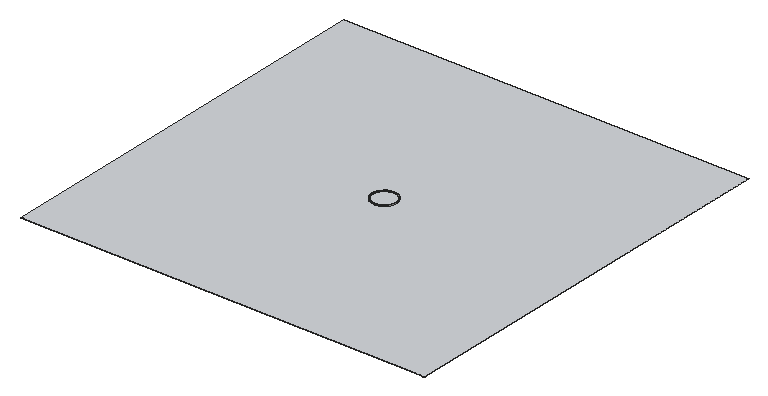
Revit family "LAMP_KOMBIC 150 ROUND IP40 CRI80 OPAL", category Luminarias, Revit 2018
Family settings
  Anfitrión = Cara
  Cota de conector redondo = Diámetro de uso
  Tipo de pieza = Normal
  Corte con vacíos al cargar = No
  Origen de luz = Sí
  Compartido = No
  Punto de cálculo de habitación = No
Parameters (values of type "1427LM 3000K  M/W")
  Ángulo de inclinación = -90.00°
  Weight = 0.704 kg
  Wattage = 13.7 W
  UGR = ""
  Type = "COB PHILIPS"
  built-in parameter 1150107 = 3000 (stored number, unit not read)
  Recessed diameter = 145 mm
  built-in parameter 1150110 = 1 (stored number, unit not read)
  built-in parameter 1150109 = 1 (stored number, unit not read)
  built-in parameter 1150112 = 1 (stored number, unit not read)
  built-in parameter 1150113 = 1 (stored number, unit not read)
  built-in parameter 1114218 = 1 (stored number, unit not read)
  Protection rating = "IP40"
  Product datasheet = "http://www.lamp.es/product-files/TECH/K21RD2040OP830NMW-EN.pdf"
  Product code = "K21RD2040OP830NMW"
  Product URL = "https://www.lamp.es/en/family/kombic-downlight_33313"
  Power Supply = "220-240V 50/60Hz"
  Power = 12 W
  Plum = 13.7 W
  built-in parameter 1150137 = (empty or 0)
  built-in parameter 1150132 = 2
  Modelo = Product code  # "K21RD2040OP830NMW"
  Material reflector = LAMP_PC Reflector Kombic Metalizado Mate
  Material disipador = LAMP_Aluminio Disipador Kombic
  Material difusor = LAMP_PMMA Difusor Kombic
  Material aro = LAMP_Plástico genérico BL
  Manufacturer name = "LAMP"
  Manufacturer country = "Spain"
  Manufacturer URL = "http://www.lamp.es/en"
  MacAdam = "3"
  Luminaire type = "Downlight"
  Last update = "26/08/2021"
  Lamp = "COB LED"
  LED Lifetime = "50.000 L90 B10"
  built-in parameter 1150105 = 113.6 (stored number, unit not read)
  built-in parameter 1150102 = (empty or 0)
  Insulation class = "II"
  Installation instructions = "https://www.lamp.es/product-files/packed/by-family/33313_INS_all.zip"
  built-in parameter 1150106 = 1.136 (stored number, unit not read)
  IEE = "A+"
  Height = 100 mm
  Gear = "Electronic"
  Lumens = 1427.54 lm
  Finish = "Shiny white RAL 9010"
  Color Filter = 16777215
  built-in parameter 1114217 = 1 (stored number, unit not read)
  built-in parameter 1150139 = (empty or 0)
  Fabricante = Manufacturer name  # "LAMP"
  Default Elevation = 1219.2 mm
  built-in parameter 1150104 = 9.6805 (stored number, unit not read)
  Efficacy = 104.2 lm/W
  Diameter = 150 mm
  built-in parameter 1150115 = 1 (stored number, unit not read)
  built-in parameter 1150114 = 1 (stored number, unit not read)
  built-in parameter 1150138 = (empty or 0)
  built-in parameter 1150134 = (empty or 0)
  Dimming Lamp Color Temperature Shift = (empty or 0)
  CRI = "80"
  Archivo de red fotométrica = "K21RD2040OP830NMW.IES"
  built-in parameter 1150133 = 10 (stored number, unit not read)
Types (18, lengths in mm): name | Wattage | built-in parameter 1150107 | Product datasheet | Product code | Power | Plum | Modelo | Material reflector | LED Lifetime | built-in parameter 1150105 | built-in parameter 1150106 | Lumens | Finish | built-in parameter 1150104 | Efficacy | built-in parameter 1150134 | Archivo de red fotométrica
  1427LM 3000K  M/W | 13.7 W | 3000 (stored number, unit not read) | "http://www.lamp.es/product-files/TECH/K21RD2040OP830NMW-EN.pdf" | "K21RD2040OP830NMW" | 12 W | 13.7 W | "K21RD2040OP830NMW" | LAMP_PC Reflector Kombic Metalizado Mate | "50.000 L90 B10" | 113.6 (stored number, unit not read) | 1.136 (stored number, unit not read) | 1427.54 lm | "Shiny white RAL 9010" | 9.6805 (stored number, unit not read) | 104.2 lm/W | (empty or 0) | "K21RD2040OP830NMW.IES"
  1473LM 3000K  W/W | 13.7 W | 3000 (stored number, unit not read) | "http://www.lamp.es/product-files/TECH/K21RD2040OP830NWW-EN.pdf" | "K21RD2040OP830NWW" | 12 W | 13.7 W | "K21RD2040OP830NWW" | LAMP_PC Reflector Kombic Blanco | "50.000 L90 B10" | 117.2 (stored number, unit not read) | 1.172 (stored number, unit not read) | 1472.75 lm | "Matte white RAL 9010" | 9.9871 (stored number, unit not read) | 107.5 lm/W | (empty or 0) | "K21RD2040OP830NWW.IES"
  1486LM 4000K  M/W | 13.7 W | 4000 (stored number, unit not read) | "http://www.lamp.es/product-files/TECH/K21RD2040OP840NMW-EN.pdf" | "K21RD2040OP840NMW" | 12 W | 13.7 W | "K21RD2040OP840NMW" | LAMP_PC Reflector Kombic Metalizado Mate | "50.000 L90 B10" | 118.29 (stored number, unit not read) | 1.1829 (stored number, unit not read) | 1486.45 lm | "Shiny white RAL 9010" | 10.08 (stored number, unit not read) | 108.5 lm/W | 12 | "K21RD2040OP840NMW.IES"
  1488LM 3000K  BR/W | 13.7 W | 4000 (stored number, unit not read) | "http://www.lamp.es/product-files/TECH/K21RD2040OP830NRW-EN.pdf" | "K21RD2040OP830NRW" | 12 W | 13.7 W | "K21RD2040OP830NRW" | LAMP_PC Reflector Kombic Metalizado Brillante | "50.000 L90 B10" | 121.12 (stored number, unit not read) | 1.2112 (stored number, unit not read) | 1522.07 lm | "Shiny white RAL 9010" | 10.322 (stored number, unit not read) | 111.1 lm/W | 12 | "K21RD2040OP830NRW.IES"
  1534LM 4000K  W/W | 13.7 W | 4000 (stored number, unit not read) | "http://www.lamp.es/product-files/TECH/K21RD2040OP840NWW-EN.pdf" | "K21RD2040OP840NWW" | 12 W | 13.7 W | "K21RD2040OP840NWW" | LAMP_PC Reflector Kombic Blanco | "50.000 L90 B10" | 1281 (stored number, unit not read) | 12.81 (stored number, unit not read) | 1534.4 lm | "Matte white RAL 9010" | 10.405 (stored number, unit not read) | 112 lm/W | 12 | "K21RD2040OP840NWW.IES"
  1550LM 4000K  BR/W | 13.7 W | 4000 (stored number, unit not read) | "http://www.lamp.es/product-files/TECH/K21RD2040OP840NRW-EN.pdf" | "K21RD2040OP840NRW" | 12 W | 13.7 W | "K21RD2040OP840NRW" | LAMP_PC Reflector Kombic Metalizado Brillante | "50.000 L90 B10" | 123.41 (stored number, unit not read) | 1.2341 (stored number, unit not read) | 1550.84 lm | "Shiny white RAL 9010" | 10.517 (stored number, unit not read) | 113.2 lm/W | 12 | "K21RD2040OP840NRW.IES"
  2010LM 3000K  M/W | 19.9 W | 3000 (stored number, unit not read) | "http://www.lamp.es/product-files/TECH/K21RD3040OP830NMW-EN.pdf" | "K21RD3040OP830NMW" | 17.6 W | 19.9 W | "K21RD3040OP830NMW" | LAMP_PC Reflector Kombic Metalizado Mate | "50.000 L70 B10" | 159.94 (stored number, unit not read) | 1.5994 (stored number, unit not read) | 2009.9 lm | "Shiny white RAL 9010" | 9.3832 (stored number, unit not read) | 101 lm/W | (empty or 0) | "K21RD3040OP830NMW.IES"
  2074LM 3000K  W/W | 19.9 W | 3000 (stored number, unit not read) | "http://www.lamp.es/product-files/TECH/K21RD3040OP830NWW-EN.pdf" | "K21RD3040OP830NWW" | 17.6 W | 19.9 W | "K21RD3040OP830NWW" | LAMP_PC Reflector Kombic Blanco | "50.000 L70 B10" | 165.01 (stored number, unit not read) | 1.6501 (stored number, unit not read) | 2073.58 lm | "Matte white RAL 9010" | 9.6805 (stored number, unit not read) | 104.2 lm/W | (empty or 0) | "K21RD3040OP830NWW.IES"
  2094LM 4000K  M/W | 19.9 W | 4000 (stored number, unit not read) | "http://www.lamp.es/product-files/TECH/K21RD3040OP840NMW-EN.pdf" | "K21RD3040OP840NMW" | 17.6 W | 19.9 W | "K21RD3040OP840NMW" | LAMP_PC Reflector Kombic Metalizado Mate | "50.000 L70 B10" | 166.59 (stored number, unit not read) | 1.6659 (stored number, unit not read) | 2093.48 lm | "Shiny white RAL 9010" | 9.7734 (stored number, unit not read) | 105.2 lm/W | 12 | "K21RD3040OP840NMW.IES"
  2096LM 3000K  BR/W | 19.9 W | 3000 (stored number, unit not read) | "http://www.lamp.es/product-files/TECH/K21RD3040OP830NRW-EN.pdf" | "K21RD3040OP830NRW" | 17.6 W | 19.9 W | "K21RD3040OP830NRW" | LAMP_PC Reflector Kombic Metalizado Brillante | "50.000 L70 B10" | 166.75 (stored number, unit not read) | 1.6675 (stored number, unit not read) | 2095.47 lm | "Shiny white RAL 9010" | 9.7827 (stored number, unit not read) | 105.3 lm/W | (empty or 0) | "K21RD3040OP830NRW.IES"
  2161LM 4000K  W/W | 19.9 W | 4000 (stored number, unit not read) | "http://www.lamp.es/product-files/TECH/K21RD3040OP840NWW-EN.pdf" | "K21RD3040OP840NWW" | 17.6 W | 19.9 W | "K21RD3040OP840NWW" | LAMP_PC Reflector Kombic Blanco | "50.000 L70 B10" | 171.98 (stored number, unit not read) | 1.7198 (stored number, unit not read) | 2161.14 lm | "Matte white RAL 9010" | 10.089 (stored number, unit not read) | 108.6 lm/W | 12 | "K21RD3040OP840NWW.IES"
  2184LM 4000K  BR/W | 19.9 W | 4000 (stored number, unit not read) | "http://www.lamp.es/product-files/TECH/K21RD3040OP840NRW-EN.pdf" | "K21RD3040OP840NRW" | 17.6 W | 19.9 W | "K21RD3040OP840NRW" | LAMP_PC Reflector Kombic Metalizado Brillante | "50.000 L70 B10" | 173.72 (stored number, unit not read) | 1.7372 (stored number, unit not read) | 2183.03 lm | "Shiny white RAL 9010" | 10.191 (stored number, unit not read) | 109.7 lm/W | 12 | "K21RD3040OP840NRW.IES"
  2673LM 3000K  M/W | 27.7 W | 3000 (stored number, unit not read) | "http://www.lamp.es/product-files/TECH/K21RD3540OP830NMW-EN.pdf" | "K21RD3540OP830NMW" | 25 W | 27.7 W | "K21RD3540OP830NMW" | LAMP_PC Reflector Kombic Metalizado Mate | "50.000 L70 B10" | 212.71 (stored number, unit not read) | 2.1271 (stored number, unit not read) | 2673.05 lm | "Shiny white RAL 9010" | 8.9651 (stored number, unit not read) | 96.5 lm/W | (empty or 0) | "K21RD3540OP830NMW.IES"
  2759LM 3000K  W/W | 27.7 W | 3000 (stored number, unit not read) | "http://www.lamp.es/product-files/TECH/K21RD3540OP830NWW-EN.pdf" | "K21RD3540OP830NWW" | 25 W | 27.7 W | "K21RD3540OP830NWW" | LAMP_PC Reflector Kombic Blanco | "50.000 L70 B10" | 212.93 (stored number, unit not read) | 2.1293 (stored number, unit not read) | 2675.82 lm | "Matte white RAL 9010" | 8.9744 (stored number, unit not read) | 96.6 lm/W | (empty or 0) | "K21RD3540OP830NWW.IES"
  2784LM 4000K  M/W | 27.7 W | 4000 (stored number, unit not read) | "http://www.lamp.es/product-files/TECH/K21RD3540OP840NMW-EN.pdf" | "K21RD3540OP840NMW" | 25 W | 27.7 W | "K21RD3540OP840NMW" | LAMP_PC Reflector Kombic Metalizado Mate | "50.000 L70 B10" | 221.53 (stored number, unit not read) | 2.2153 (stored number, unit not read) | 2783.85 lm | "Shiny white RAL 9010" | 9.3368 (stored number, unit not read) | 100.5 lm/W | 12 | "K21RD3540OP840NMW.IES"
  2788LM 3000K  BR/W | 27.7 W | 3000 (stored number, unit not read) | "http://www.lamp.es/product-files/TECH/K21RD3540OP830NRW-EN.pdf" | "K21RD3540OP830NRW" | 25 W | 27.7 W | "K21RD3540OP830NRW" | LAMP_PC Reflector Kombic Metalizado Brillante | "50.000 L70 B10" | 221.97 (stored number, unit not read) | 2.2197 (stored number, unit not read) | 2789.39 lm | "Shiny white RAL 9010" | 9.3553 (stored number, unit not read) | 100.7 lm/W | (empty or 0) | "K21RD3540OP830NRW.IES"
  2874LM 4000K  W/W | 27.7 W | 4000 (stored number, unit not read) | "http://www.lamp.es/product-files/TECH/K21RD3540OP840NWW-EN.pdf" | "K21RD3540OP840NWW" | 25 W | 27.7 W | "K21RD3540OP840NWW" | LAMP_PC Reflector Kombic Blanco | "50.000 L70 B10" | 228.59 (stored number, unit not read) | 2.2859 (stored number, unit not read) | 2872.49 lm | "Matte white RAL 9010" | 9.634 (stored number, unit not read) | 103.7 lm/W | 12 | "K21RD3540OP840NWW.IES"
  2904LM 4000K  BR/W | 27.7 W | 4000 (stored number, unit not read) | "http://www.lamp.es/product-files/TECH/K21RD3540OP840NRW-EN.pdf" | "K21RD3540OP840NRW" | 25 W | 27.7 W | "K21RD3540OP840NRW" | LAMP_PC Reflector Kombic Metalizado Brillante | "50.000 L70 B10" | 231.01 (stored number, unit not read) | 2.3101 (stored number, unit not read) | 2902.96 lm | "Shiny white RAL 9010" | 9.7362 (stored number, unit not read) | 104.8 lm/W | 12 | "K21RD3540OP840NRW.IES"
Reference planes
  plane 1 "Centro (Frontal/Posterior)": y = 0
  plane 2: z = 0
  plane 3 "Centro (Izquierda/Derecha)": x = 0
Forms (mm)
  Extrusion 1, solid
    sketch origin (0, 0, 0) x (1, 0, 0) y (0, 1, 0)
      loop
        line (-1219.2, 1219.2) -> (-1219.2, -1219.2) -> (1219.2, -1219.2) -> (1219.2, 1219.2) -> (-1219.2, 1219.2)
    from 0 to -1
  Revolve 2, solid, material "LAMP_Plástico genérico BL" <- "Material aro"
    sketch origin (0, 0, 1.5) x (-1, 0, 0) y (0, 0, -1)
      loop
        arc (63.285, 25.939) -> (56.992, 30.773) -> (49.333, 32.85) r 20.471
        line (49.333, 32.85) -> (49.333, 30.55)
        arc (49.333, 30.55) -> (65.429, 20.082) -> (70.259, 1.5) r 26.552
        line (70.259, 1.5) -> (69.259, 1.5) -> (69.259, 0) -> (75, 0) -> (75, 1.5) -> (71.74, 1.5)
        arc (71.74, 1.5) -> (69.911, 14.549) -> (63.285, 25.939) r 34.204
      axis (0, 32.85) -> (0, 0)
    angle from 0 to 360
  Revolve 3, solid, material "LAMP_Aluminio Disipador Kombic" <- "Material disipador"
    sketch origin (0, 0, 1.5) x (-1, 0, 0) y (0, 0, -1)
      loop
        line (0, 32.85) -> (57.5, 32.85) -> (57.5, 97.85) -> (0, 97.85) -> (0, 32.85)
      axis (0, 97.85) -> (0, 32.85)
    angle from 0 to 360
  Revolve 4, solid, material "LAMP_PMMA Difusor Kombic" <- "Material difusor"
    sketch origin (0, 0, 0) x (1, 0, 0) y (0, 0, 1)
      loop
        line (0, -28.081) -> (0, -31.35) -> (49.333, -31.35) -> (49.333, -28.081) -> (0, -28.081)
      axis (0, -28.081) -> (0, -31.35)
    angle from 0 to 360
  Revolve 5, solid, material "LAMP_PC Reflector Kombic Metalizado Mate" <- "Material reflector"
    sketch origin (0, 0, 0) x (1, 0, 0) y (0, 0, 1)
      loop
        arc (-70.259, 0) -> (-65.429, -18.582) -> (-49.333, -29.05) r 26.552
        line (-49.333, -29.05) -> (-49.333, -28.081)
        arc (-49.333, -28.081) -> (-64.64, -17.832) -> (-69.259, 0) r 25.895
        line (-69.259, 0) -> (-70.259, 0)
      axis (0, 0) -> (0, -29.05)
    angle from 0 to 360
Text (mm)
  text "Any modification of the parameters and properties of the LAMP BIM models must be executed and validated by the LAMP technical department.\nPhone: +34 93 736 68 00\nE-mail: lamp@lamp.es\n\nLAMP reserves the right to modify the technical specifications of its products." at (-2876.262, -5833.446, 1777.952), in view "Preview"
Dimensions and locks
  aligned and locked: plane 2 to Extrusion 1
  aligned and locked: level to Extrusion 1
Connectors
  electrical at (0, 0, -96.35)
    settings: on Revolve 3, index 1, voltage 230 V, apparent load 0 VA, apparent load phase1 0 VA, apparent load phase2 0 VA, apparent load phase3 0 VA, power factor 1, load classification "Otro", number of poles 1, system type 30, power factor state 1, is connector primary yes, connector utility no, sub classification motor no, connector description ""
